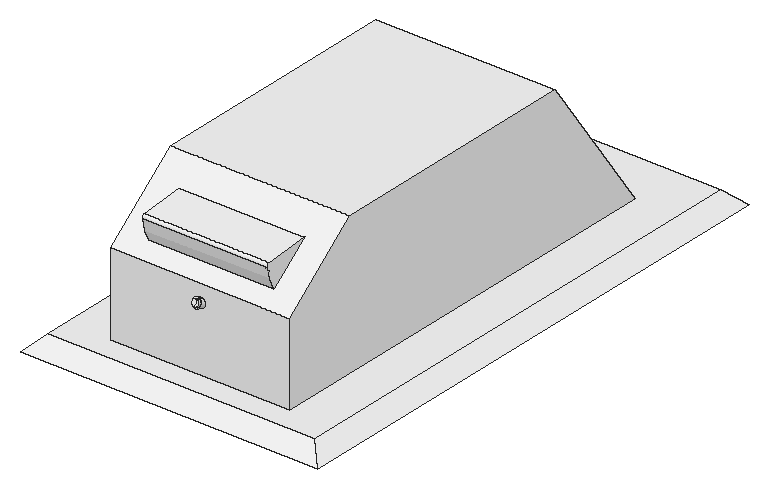
Revit family "NBS_DudleyIndustriesLimited_SoapDpnsrs_Dementia_1LitreSoapDispenser", category Specialty Equipment, host Face, Revit 2017
Family settings
  Host = Face
  Round Connector Dimension = Use Diameter
  Part Type = Normal
  Cut with Voids When Loaded = No
  Shared = No
  Room Calculation Point = No
Parameters
  WarrantyStartDate [instance] = "1900-12-31T23:59:59"
  WarrantyGuarantorParts = "n/a"
  WarrantyGuarantorLabor = "n/a"
  WarrantyDurationUnit = "year"
  WarrantyDurationParts = "n/a"
  WarrantyDurationLabor = "n/a"
  WarrantyDescription = "n/a"
  WallPlateMaterial = NBS_Concept
  Version = "1"  # constant formula
  Uniclass2015Version = "Products v1.11"
  Uniclass2015Title = "Soap dispensers"
  Uniclass2015Code = "Pr_40_70_22_81"
  TagNumber [instance] = "n/a"
  SustainabilityPerformance = "n/a"
  Status = "UNSET"
  Size = "115 x 281 x 99mm"
  Shape = "Rectangle"
  SerialNumber [instance] = "n/a"
  Revision = "n/a"
  ReplacementCost = "n/a"
  Reference = "n/a"
  ProductInformation = "https://dudleyindustries.com/wp-content/uploads/2018/05/Dementia-1-Litre-Soap-Dispenser.pdf"
  PackingCarton = "1 piece"
  Operation = "Manual push operation"
  NozzleMaterial = NBS_Concept
  NominalWidth = 191 mm
  NominalLength = 0 mm
  NominalHeight = 281 mm
  NominalDepth = 99 mm
  Name = "SoapDispensers_Dementia:1LitreSoapDispenser_DudleyIndustriesLimited"
  NBSReference = "45-35-72/358"
  NBSDescription = "Soap dispensers"
  NBSCertification = "www.nationalbimlibrary.com/cert/54od3fnf"
  ModelReference = "Dementia: 1 Litre Soap Dispenser"
  ModelNumber = "50060WH (white), 50060BL (Blue)"
  MaterialsBody = "Stainless steel"
  Material = "Stainless steel"
  ManufacturerURL = "https://www.dudleyindustries.com/"
  ManufacturerName = "Dudley Industries Limited"  # constant formula
  Manufacturer = "sales@dudleyindustries.com"  # constant formula
  IntegralAccessories = "Wall plate"
  InstallationDate [instance] = "1900-12-31T23:59:59"
  IfcExportType = "UNDEFINED"  # constant formula
  IfcExportAs = "IfcSanitaryTerminalType"  # constant formula
  HandPushMaterial = NBS_Concept
  Grade = "n/a"
  Form = "Wall mounted"
  Finish = "Powder coated"
  Features = "No sharp edges or corners, robust and durable, works in conjunction with the Wall Plates 50062BL (blue) and 50062WH (white) to provide an anti-ligature solution for high risk areas"
  ExpectedLife = "n/a"
  DurationUnit = "year"
  DispenserCasingMaterial = NBS_Concept
  Description = "1 litre soap dispenser"
  Default Elevation = 1200 mm
  Constituents = "n/a"
  Color = "White, Blue"
  CodePerformance = "n/a"
  Category = "Pr_40_70_22_81:Soap dispensers"
  BarCode [instance] = "n/a"
  BIMObjectName = "NBS_DudleyIndustriesLimited_SoapDispensers_Dementia_1LitreSoapDispenser"
  Author = "NBS"  # constant formula
  AssetType = "Fixed"
  AssetIdentifier [instance] = "n/a"
  AccessibilityPerformance = "n/a"
Reference planes
  plane 1 "Center (Front/Back)": y = 0
  plane 2: z = 0
  plane 3 "Center (Left/Right)": x = 0
  plane 4: y = 172.337
  plane 5: y = 172.337
  plane 6: y = -172.337
  plane 7: x = -95.3
  plane 8: x = 95.3
  plane 9: y = 128.579
  plane 10 "Left": x = -95.3
  plane 11 "Right": x = 95.3
  plane 12: y = 64.707
  plane 13: y = -98.93
  plane 14: x = -57.4
  plane 15: x = 57.4
  plane 16 "Top": y = 172.337
  plane 17 "Bottom": y = -172.337
  plane 18 "Base": y = -147.277
  plane 19 "Front": z = 99.9
Forms (mm)
  Blend 1, solid, material "NBS_Concept" <- "WallPlateMaterial", detail levels medium+fine
    base sketch origin (0, 0, 0) x (1, 0, 0) y (0, 1, 0)
      loop
        line (-95.3, 172.337) -> (-95.3, -172.337) -> (95.3, -172.337) -> (95.3, 172.337) -> (-95.3, 172.337)
    top sketch origin (0, 0, 0) x (1, 0, 0) y (0, 1, 0)
      loop
        line (-85.61, -162.649) -> (85.613, -162.649) -> (85.613, 162.647) -> (-85.61, 162.647) -> (-85.61, -162.649)
    from 0 to 9.5
  Blend 2, solid, material "NBS_Concept" <- "DispenserCasingMaterial"
    base sketch origin (0, 0, 9.5) x (1, 0, 0) y (0, 1, 0)
      loop
        line (-57.4, 128.579) -> (-57.4, -147.277) -> (57.4, -147.277) -> (57.4, 128.579) -> (-57.4, 128.579)
    top sketch origin (0, 0, 9.5) x (1, 0, 0) y (0, 1, 0)
      loop
        line (-57.4, -147.277) -> (57.4, -147.277) -> (57.4, 64.707) -> (-57.4, 64.707) -> (-57.4, -147.277)
    from 0 to 90.4
  Extrusion 3, void
    sketch origin (-57.4, -9.349, 9.5) x (0, 1, 0) y (0, 0, 1)
      loop
        line (-137.928, 90.4) -> (-137.928, 52.4) -> (-89.928, 90.4) -> (-137.928, 90.4)
    from 0 to 114.8
  Extrusion 4, solid, material "NBS_Concept" <- "HandPushMaterial"
    sketch origin (0, 0.244, 9.5) x (0, 1, 0) y (0, 0, 1)
      loop
        line (-114.173, 78.607) -> (-142.017, 75.991)
        arc (-142.017, 75.991) -> (-143.425, 75.205) -> (-143.796, 73.636) r 2
        arc (-143.796, 73.636) -> (-141.74, 66.27) -> (-138.516, 59.335) r 47
        line (-138.516, 59.335) -> (-114.173, 78.607)
    from -40 to 40
  Revolve 5, solid, material "NBS_Concept" <- "NozzleMaterial", detail levels fine
    sketch origin (0, -137.808, 47.554) x (0, -0.939693, 0.34202) y (0, -0.34202, -0.939693)
      loop
        line (13.076, -3) -> (13.076, 0) -> (8.591, 0) -> (8.591, -3) -> (13.076, -3)
      axis (13.076, 0) -> (8.591, 0)
    angle from 0 to 360
  Revolve 6, solid, material "NBS_Concept" <- "NozzleMaterial", detail levels fine
    sketch origin (0, -137.808, 47.554) x (0, -0.939693, 0.34202) y (0, -0.34202, -0.939693)
      loop
        line (13.076, 0) -> (13.076, -2.234) -> (14.076, -2.234) -> (14.076, 0) -> (13.076, 0)
      axis (13.076, 0) -> (14.076, 0)
    angle from 0 to 360
  Extrusion 7, solid, material "NBS_Concept" <- "WallPlateMaterial", detail levels coarse
    sketch origin (0, 0, 0) x (1, 0, 0) y (0, 1, 0)
      loop
        line (-95.3, 172.337) -> (-95.3, -172.337) -> (95.3, -172.337) -> (95.3, 172.337) -> (-95.3, 172.337)
    from 0 to 9.5
Cuts and joins
  Extrusion 3 cuts Blend 2
Dimensions and locks
  aligned and locked: plane 2 to host face
  aligned and locked: level to host face
